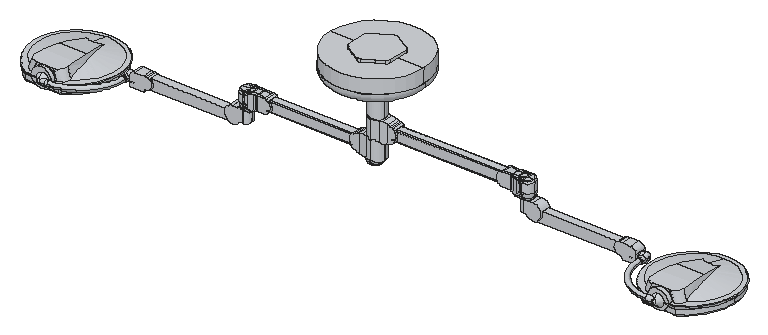
Revit family "GSeries-Dual-Light_G2", category Specialty Equipment, Revit 2017
Family settings
  Round Connector Dimension = Use Diameter
  Part Type = Normal
  Work Plane-Based = No
  Always vertical = Yes
  Cut with Voids When Loaded = No
  Shared = No
  Room Calculation Point = No
Parameters
  WAGD = no
  Vacuum = no
  Tag # = "B1"
  Standard = yes
  Oxygen = no
  Nitrous Oxide = no
  Nitrogen = no
  Model = "HarmonyAIR"
  Medical Air = no
  Manufacturer = "STERIS Corporation"
  Isolated = yes
  Emergency = yes
  Description = "HarmonyAIR Single G Series Gen2-Surgical Light(s) & Accessory Arm(s)"
  DC Power (for mounts with lightheads) = yes
  Compressed Air = no
  Ceiling Height = 120.00"
  Carbon Dioxide = no
  Assembly Code = "E1020810"
  AC Power (for mounts with monitors) = no
Reference planes (in)
  plane 1 "Center (Front/Back)": y = 0
  plane 2: z = 0
  plane 3 "Center (Left/Right)": x = 0
  plane 4 "CEILING": z = 120
Dimensions and locks (in)
  "Ceiling Height": plane 4 "CEILING" to level
Nested families (in)
  nested 1: "G Series G2 Extended Canopy" at (0, 0, 0), type "G Series G2 Extended Canopy"
  nested 2: "G2 41 Light" at (0, 0, 104.01861), type "G2 41 Light"
  nested 3: "G2 Lighthead" at (-41.27, 0, -29.32), type "G2 Lighthead", not visible
  nested 4: "G2 41 Light" at (0, 0, -23.62), type "G2 41 Light", not visible
  nested 5: "G2 Lighthead" at (-41.27, 0, -29.32), type "G2 Lighthead", not visible
  nested 6: "G2 35 Light With Bottom Cap" at (0, 0, 99.01861) x (-1, 0, 0) z (0, 0, 1), type "G2 35 Light With Bottom Cap"
  nested 7: "G2 Lighthead" at (-35.84, 0, 93.46512), type "G2 Lighthead"
  nested 8: "G2 Lighthead" at (-35.84, 0, -34.67), type "G2 Lighthead", not visible
  nested 9: "G2 35 Light With Bottom Cap" at (0, 0, -28.97), type "G2 35 Light With Bottom Cap", not visible
  nested 10: "G2 Lighthead" at (-35.84, 0, -34.67), type "G2 Lighthead", not visible
  nested 11: "G2 41 Light" at (0, 0, -23.62), type "G2 41 Light", not visible
  nested 12: "G2 Lighthead" at (-41.27, 0, -29.32), type "G2 Lighthead", not visible
  nested 13: "G2 35 Light With Bottom Cap" at (0, 0, -28.97), type "G2 35 Light With Bottom Cap", not visible
  nested 14: "G2 Lighthead" at (-35.84, 0, -34.67), type "G2 Lighthead", not visible
  nested 15: "G Series G2 Extended Canopy" at (0, 0, 0), type "G Series G2 Extended Canopy", not visible
  nested 16: "G2 41 Light" at (0, 0, -23.62), type "G2 41 Light", not visible
  nested 17: "G2 Lighthead" at (-41.27, 0, -29.32), type "G2 Lighthead", not visible
  nested 18: "G2 35 Light With Bottom Cap" at (0, 0, -28.97), type "G2 35 Light With Bottom Cap", not visible
  nested 19: "G2 Lighthead" at (-35.84, 0, -34.67), type "G2 Lighthead", not visible
  nested 20: "G2 Lighthead" at (41.27, 0, 98.46512) x (-1, 0, 0) z (0, 0, 1), type "G2 Lighthead"
  nested 21: "G2 400" at (0, 0, 120), type "G2 400"
Definition of nested family "G Series G2 Extended Canopy"
  Parameters (values of type "G Series G2 Extended Canopy")
    WAGD = yes
    Vacuum = yes
    Tag # = ""
    Standard = yes
    STERIS Arm Clearance = no
    Oxygen = yes
    Nitrous Oxide = yes
    Nitrogen = yes
    Model = "HarmonyAIR"
    Medical Air = yes
    Manufacturer = "STERIS Corporation"
    Isolated = yes
    Emergency = yes
    Description = "HarmonyAIR"
    DC Power (for mounts with lightheads) = yes
    Compressed Air = yes
    Ceiling Height = 120.00"
    Carbon Dioxide = yes
    Assembly Code = "E1020810"
    Arm Clearance Radius = 0.00"
    Arm Clearance Height = 0.00"
    AC Power (for mounts with monitors) = yes
  Reference planes (in)
    plane 1 "Center (Front/Back)": y = 0
    plane 2: z = 0
    plane 3 "Center (Left/Right)": x = 0
    plane 4 "CEILING": z = 120
  Forms (in)
    Revolve 1, solid
      sketch origin (0, 0, 0) x (1, 0, 0) y (0, 0, 1)
        loop
          line (0, 120) -> (-12.87155, 120) -> (-12.87155, 116.26431) -> (-13, 116.26431)
          arc (-13, 116.26431) -> (-12.50619, 114.6362) -> (-11.0459, 113.76318) r 2.36009
          line (-11.0459, 113.76318) -> (-10.78427, 113.73816) -> (-3.00247, 113.52408)
          arc (-3.00247, 113.52408) -> (-2.97425, 113.45596) -> (-2.90613, 113.42775) r 0.09634
          line (-2.90613, 113.42775) -> (-2.49938, 113.42775)
          arc (-2.49938, 113.42775) -> (-2.46911, 113.41521) -> (-2.45657, 113.38493) r 0.04282
          line (-2.45657, 113.38493) -> (-2.45657, 113.12804)
          arc (-2.45657, 113.12804) -> (-2.43149, 113.06749) -> (-2.37093, 113.0424) r 0.08563
          line (-2.37093, 113.0424) -> (0, 113.0424) -> (0, 120)
        axis (0, 120) -> (0, 113.0424)
      angle from 0 to 360
  Dimensions and locks (in)
    "Ceiling Height": plane 4 "CEILING" to level
    aligned and locked: level to plane 2
  Automatic sketch dimensions
    Revolve 1 sketch curve to plane 4 "CEILING" = 0.00"
    Revolve 1 sketch curve to plane 3 "Center (Left/Right)" = 0.00"  (x2)
    Revolve 1 sketch curve to plane 3 "Center (Left/Right)" = 2.37093"
    Revolve 1 sketch curve to Revolve 1 sketch curve = 0.08563"
    Revolve 1 sketch curve to Revolve 1 sketch curve = 0.04282"
    Revolve 1 sketch curve to Revolve 1 sketch curve = 0.40675"
    Revolve 1 sketch curve to Revolve 1 sketch curve = 0.09634"
    Revolve 1 sketch curve to plane 4 "CEILING" = 3.91079"
    Revolve 1 sketch curve to Revolve 1 sketch curve = 7.64394"
    Revolve 1 sketch curve to Revolve 1 sketch curve = 0.13786"
    Revolve 1 sketch curve to Revolve 1 sketch curve = 0.26163"
    Revolve 1 sketch curve to Revolve 1 sketch curve = 2.22514"
    Revolve 1 sketch curve to Revolve 1 sketch curve = 0.12845"
    Revolve 1 sketch curve to Revolve 1 sketch curve = 2.32603"
    Revolve 1 sketch curve to Revolve 1 sketch curve = 0.02501"
    Revolve 1 sketch curve to plane 4 "CEILING" = 6.47592"
    Revolve 1 sketch curve to Revolve 1 sketch curve = 0.2569"
    Revolve 1 sketch curve to level = 24.00"
    Revolve 1 sketch curve to Revolve 1 sketch curve = 23.02561"
Definition of nested family "G2 41 Light"
  Parameters (values of type "G2 41 Light")
    Tag # = ""
    Model = ""
    Manufacturer = ""
    Description = ""
    Assembly Code = ""
  Reference planes (in)
    plane 1 "Center (Front/Back)": y = 0
    plane 2: z = 0
    plane 3 "Center (Left/Right)": x = 0
    plane 4 "CEILING": z = 120
    plane 5 "void": z = -5.37092
    plane 6 "front void 3": z = -0.76037
    plane 7 "front void 4": x = 37.84972
  Forms (in)
    Extrusion 1, solid
      sketch origin (0, 4.88122, 0.40597) x (0, 1, 0) y (0, 0, 1)
        loop
          line (-3.92622, -1.57553) -> (-5.83622, -1.57553)
          arc (-5.83622, -1.57553) -> (-6.01299, -1.64875) -> (-6.08622, -1.82553) r 0.25
          line (-6.08622, -1.82553) -> (-6.08622, -4.2888)
          arc (-6.08622, -4.2888) -> (-6.01299, -4.46557) -> (-5.83622, -4.5388) r 0.25
          line (-5.83622, -4.5388) -> (-3.92622, -4.5388)
          arc (-3.92622, -4.5388) -> (-3.74944, -4.46557) -> (-3.67622, -4.2888) r 0.25
          line (-3.67622, -4.2888) -> (-3.67622, -1.82553)
          arc (-3.67622, -1.82553) -> (-3.74944, -1.64875) -> (-3.92622, -1.57553) r 0.25
      from 4.75395 to 35.40646
    Extrusion 2, solid
      sketch origin (0, 0, 0) x (1, 0, 0) y (0, 0, 1)
        loop
          line (-2.19374, -0.19448) -> (-2.19374, -5.17644)
          arc (-2.19374, -5.17644) -> (-2.13678, -5.31396) -> (-1.99926, -5.37092) r 0.19448
          line (-1.99926, -5.37092) -> (2.69909, -5.37092)
          arc (2.69909, -5.37092) -> (3.33509, -5.29534) -> (3.93567, -5.07282) r 2.71387
          arc (3.93567, -5.07282) -> (4.3306, -4.876) -> (4.74554, -4.72585) r 3.83493
          line (4.74554, -4.72585) -> (5.13531, -4.6368)
          arc (5.13531, -4.6368) -> (5.56508, -4.47817) -> (5.90185, -4.1676) r 1.17804
          arc (5.90185, -4.1676) -> (6.38468, -2.6862) -> (5.90185, -1.20481) r 2.51399
          arc (5.90185, -1.20481) -> (5.6952, -0.97436) -> (5.42683, -0.82014) r 0.97669
          line (5.42683, -0.82014) -> (5.13487, -0.73522) -> (4.74857, -0.64603)
          arc (4.74857, -0.64603) -> (4.36903, -0.50577) -> (4.00449, -0.33019) r 4.26762
          arc (4.00449, -0.33019) -> (3.37346, -0.08383) -> (2.70125, 0) r 2.73701
          line (2.70125, 0) -> (-1.99925, 0)
          arc (-1.99925, 0) -> (-2.13678, -0.05696) -> (-2.19374, -0.19448) r 0.19448
      from -2.20223 to 2.20223
    Extrusion 3, void
      sketch origin (0, 0, 0) x (1, 0, 0) y (0, 1, 0)
        loop
          line (0, 2.20223) -> (0, 2.70223) -> (-2.5, 2.70223) -> (-2.5, 0) -> (-2.20223, 0)
          arc (-2.20223, 0) -> (-1.55721, 1.55721) -> (0, 2.20223) r 2.20223
      from -8.34122 to 12
    Extrusion 4, void
      sketch origin (0, 0, 0) x (1, 0, 0) y (0, 1, 0)
        loop
          arc (0, -2.20223) -> (-1.55721, -1.55721) -> (-2.20223, 0) r 2.20223
          line (-2.20223, 0) -> (-2.5, 0) -> (-2.5, -2.70223) -> (0, -2.70223) -> (0, -2.20223)
      from -8.34122 to 12
    Extrusion 5, void
      sketch origin (0, 0, -5.37092) x (-1, 0, 0) y (0, -1, 0)
        loop
          arc (0, -2.20223) -> (-0.8815, -2.06487) -> (-1.74658, -1.84679) r 9.66293
          arc (-1.74658, -1.84679) -> (-2.79998, -1.67373) -> (-3.86443, -1.59297) r 12.25761
          arc (-3.86443, -1.59297) -> (-5.03108, -1.55775) -> (-6.19818, -1.54378) r 64.08893
          arc (-6.19818, -1.54378) -> (-6.33609, -1.48654) -> (-6.39294, -1.34902) r 0.19476
          line (-6.39294, -1.34902) -> (-6.39294, -1.20496) -> (-7.05626, -1.20496) -> (-7.05626, -2.70496) -> (0, -2.70496) -> (0, -2.20223)
      from 0 to 12
    Extrusion 6, void
      sketch origin (0, 0, -5.37092) x (-1, 0, 0) y (0, -1, 0)
        loop
          line (0, 2.20223) -> (0, 2.70496) -> (-7.05626, 2.70496) -> (-7.05626, 1.20496) -> (-6.39294, 1.20496) -> (-6.39294, 1.34902)
          arc (-6.39294, 1.34902) -> (-6.33609, 1.48654) -> (-6.19818, 1.54378) r 0.19476
          arc (-6.19818, 1.54378) -> (-5.03108, 1.55775) -> (-3.86443, 1.59297) r 64.08893
          arc (-3.86443, 1.59297) -> (-2.79998, 1.67373) -> (-1.74658, 1.84679) r 12.25761
          arc (-1.74658, 1.84679) -> (-0.8815, 2.06487) -> (0, 2.20223) r 9.66293
      from 0 to 12
    Revolve 7, solid
      sketch origin (11.64789, 0, 0) x (1, 0, 0) y (0, 0, 1)
        loop
          arc (31.42586, -1.00953) -> (31.33936, -0.91742) -> (31.21932, -0.87797) r 0.25571
          arc (31.21932, -0.87797) -> (30.37639, -0.80056) -> (29.53073, -0.7632) r 17.8497
          line (29.53073, -0.7632) -> (29.53073, -5.55349) -> (31.16892, -5.55349)
          arc (31.16892, -5.55349) -> (31.24893, -5.52749) -> (31.29597, -5.45775) r 0.1292
          line (31.29597, -5.45775) -> (31.42411, -4.97951)
          arc (31.42411, -4.97951) -> (31.5532, -4.42145) -> (31.60762, -3.85125) r 4.33727
          arc (31.60762, -3.85125) -> (31.65493, -2.68267) -> (31.60762, -1.51409) r 14.45651
          line (31.60762, -1.51409) -> (31.42586, -1.00953)
        axis (29.53073, -0.7632) -> (29.53073, -5.55349)
      angle from 0 to 360
    Extrusion 8, solid
      sketch origin (11.64789, 0, 0) x (1, 0, 0) y (0, 0, 1)
        loop
          arc (23.05122, -1.20345) -> (22.34603, -2.69853) -> (23.10297, -4.16808) r 1.86858
          arc (23.10297, -4.16808) -> (23.40725, -4.37429) -> (23.75857, -4.48235) r 1.24128
          line (23.75857, -4.48235) -> (24.15374, -4.53185) -> (26.20183, -4.56944) -> (26.20183, -0.80039) -> (24.15414, -0.8277) -> (23.55907, -0.92195)
          arc (23.55907, -0.92195) -> (23.28881, -1.03322) -> (23.05122, -1.20345) r 1.26724
      from 1.5956 to -1.59582
    Extrusion 9, solid
      sketch origin (11.64551, 0, -0.76037) x (-1, 0, 0) y (0, -1, 0)
        loop
          line (-29.52599, 2.12582) -> (-29.52599, -2.12583)
          arc (-29.52599, -2.12583) -> (-29.26775, -2.11798) -> (-29.01024, -2.0969) r 5.03227
          arc (-29.01024, -2.0969) -> (-28.61559, -2.04413) -> (-28.22414, -1.97127) r 7.79494
          arc (-28.22414, -1.97127) -> (-27.60261, -1.83533) -> (-26.97956, -1.70658) r 55.13106
          arc (-26.97956, -1.70658) -> (-26.80172, -1.67318) -> (-26.6231, -1.6442) r 7.30147
          arc (-26.6231, -1.6442) -> (-26.41288, -1.61642) -> (-26.20183, -1.59582) r 6.21705
          line (-26.20183, -1.59582) -> (-26.20183, 1.5956)
          arc (-26.20183, 1.5956) -> (-26.59233, 1.63852) -> (-26.97925, 1.70651) r 6.09334
          arc (-26.97925, 1.70651) -> (-27.60246, 1.83529) -> (-28.22414, 1.97126) r 55.10449
          arc (-28.22414, 1.97126) -> (-28.61559, 2.04412) -> (-29.01024, 2.09689) r 7.79563
          arc (-29.01024, 2.09689) -> (-29.26775, 2.11798) -> (-29.52599, 2.12582) r 5.0318
      from -0.04005 to -4.7114
    Extrusion 10, void
      sketch origin (37.84972, 0, 0) x (0, 0, 1) y (0, -1, 0)
        loop
          line (-1.51409, 2.07688) -> (-1.00953, 1.89512)
          arc (-1.00953, 1.89512) -> (-0.91761, 1.81048) -> (-0.87818, 1.69191) r 0.24978
          arc (-0.87818, 1.69191) -> (-0.79942, 0.84739) -> (-0.76262, 0) r 17.10563
          line (-0.76262, 0) -> (-0.76262, 2.31422) -> (-5.37092, 2.31422) -> (-5.60382, 2.12426) -> (-5.47178, 1.76148) -> (-4.97951, 1.89338)
          arc (-4.97951, 1.89338) -> (-4.42144, 2.02237) -> (-3.85125, 2.07688) r 4.34792
          arc (-3.85125, 2.07688) -> (-2.68267, 2.12587) -> (-1.51409, 2.07688) r 13.96378
      from -3.82865 to 12
    Extrusion 11, void
      sketch origin (37.84972, 0, 0) x (0, 0, 1) y (0, -1, 0)
        loop
          arc (-1.51409, -2.07688) -> (-2.68267, -2.12587) -> (-3.85125, -2.07688) r 13.96378
          arc (-3.85125, -2.07688) -> (-4.42144, -2.02237) -> (-4.97951, -1.89338) r 4.34792
          line (-4.97951, -1.89338) -> (-5.47178, -1.76148) -> (-5.60382, -2.12426) -> (-5.37092, -2.31422) -> (-0.76262, -2.31422) -> (-0.76262, 0)
          arc (-0.76262, 0) -> (-0.79942, -0.84739) -> (-0.87818, -1.69191) r 17.10563
          arc (-0.87818, -1.69191) -> (-0.91761, -1.81048) -> (-1.00953, -1.89512) r 0.24978
          line (-1.00953, -1.89512) -> (-1.51409, -2.07688)
      from -4.12048 to 12
    Extrusion 12, void
      sketch origin (0, 0, 0) x (1, 0, 0) y (0, 0, 1)
        loop
          line (37.84734, -4.64253) -> (37.58692, -5.54314) -> (39.39846, -5.54314)
          arc (39.39846, -5.54314) -> (39.2351, -5.25192) -> (38.99205, -5.02296) r 1.10254
          arc (38.99205, -5.02296) -> (38.77568, -4.89515) -> (38.54358, -4.79879) r 1.79637
          arc (38.54358, -4.79879) -> (38.19948, -4.70276) -> (37.84734, -4.64253) r 3.47823
      from -4.74141 to 4.63884
  Cuts and joins
    Extrusion 5, Extrusion 6 cuts Extrusion 1
    Extrusion 3, Extrusion 4, Extrusion 5, Extrusion 6 cuts Extrusion 2
    Extrusion 10, Extrusion 11, Extrusion 12 cuts Extrusion 9
    Extrusion 10, Extrusion 11 cuts Revolve 7
    Extrusion 10, Extrusion 11 cuts Extrusion 8
  Dimensions and locks (in)
    plane 4 "CEILING" to level = 120.00"
    aligned and locked: level to plane 2
Definition of nested family "G2 Lighthead"
  Parameters (values of type "G2 Lighthead")
    Tag # = ""
    Model = ""
    Manufacturer = ""
    Description = ""
    Assembly Code = ""
  Reference planes (in)
    plane 1 "Center (Front/Back)": y = 0
    plane 2: z = 0
    plane 3 "Center (Left/Right)": x = 0
    plane 4 "CEILING": z = 120
    plane 5 "light": y = 0.98519
    plane 6 "cone": x = -40.63328
    plane 7 "light 2": y = -6.65871
    plane 8 "couple": y = -11.78918
    plane 9 "couple upper 1": x = -28.21156
    plane 10 "tube start": y = -2.1054
    plane 11 "tube path plane": through (-28.21156, -180, -18.45505) normal (0.5, 0, -0.866)
  Forms (in)
    Extrusion 1, solid
      sketch origin (0, 0, 0) x (1, 0, 0) y (0, 0, 1)
        loop
          line (1.22953, 0) -> (-1.22236, 0) -> (-1.30305, -0.04848) -> (-2.71238, -0.04848)
          arc (-2.71238, -0.04848) -> (-4.58, -3.37387) -> (-0.76676, -3.44746) r 2.22225
          line (-0.76676, -3.44746) -> (-0.67485, -3.43125) -> (1.26016, -3.43125) -> (1.49925, -3.0768) -> (1.49925, -0.40213) -> (1.37929, -0.12566) -> (1.22953, 0)
      from -1.51685 to 1.49579
    Extrusion 2, solid
      sketch origin (0.65549, 0, -0.21119) x (1, 0, 0) y (0, 0, 1)
        loop
          line (-4.2494, -0.72566) -> (-4.84519, -1.15853) -> (-5.65657, -1.34585) -> (-26.52544, -1.34585)
          arc (-26.52544, -1.34585) -> (-25.55371, -2.7714) -> (-26.43608, -4.25393) r 1.60459
          line (-26.43608, -4.25393) -> (-3.65237, -4.25393)
          arc (-3.65237, -4.25393) -> (-4.84247, -2.64066) -> (-4.2494, -0.72566) r 2.22225
      from -1.13278 to 1.1669
    Extrusion 3, void
      sketch origin (0, 0, 0) x (1, 0, 0) y (0, 1, 0)
        loop
          arc (-0.03601, 1.51685) -> (1.04299, 1.08566) -> (1.49922, 0.01701) r 1.51502
          line (1.49922, 0.01701) -> (1.86823, 0.01701) -> (1.86823, 1.81734) -> (-0.03601, 1.81734) -> (-0.03601, 1.51685)
      from -4.56732 to 2.01977
    Extrusion 4, void
      sketch origin (0, 0, 0) x (1, 0, 0) y (0, 1, 0)
        loop
          arc (1.49918, 0) -> (1.05514, -1.05102) -> (0, -1.48518) r 1.49925
          line (0, -1.48518) -> (0, -2.11009) -> (2.34652, -2.11009) -> (2.34652, 0) -> (1.49918, 0)
      from -4.25031 to 12
    Extrusion 5, solid
      sketch origin (1.42817, -2.34095, -1.83191) x (-0.500001, 0, -0.866025) y (0.866025, 0, -0.500001)
        loop
          line (13.54782, -24.39216) -> (13.94833, -25.09387) -> (15.05055, -27.00296)
          arc (15.05055, -27.00296) -> (15.93622, -27.68256) -> (17.04303, -27.53685) r 1.4586
          line (17.04303, -27.53685) -> (19.05177, -26.37709) -> (19.08796, -25.96347) -> (17.42688, -23.08639) -> (17.04436, -22.89729) -> (16.5842, -23.17378) -> (16.51466, -23.07446) -> (16.34396, -22.77881) -> (16.04307, -22.40725)
          arc (16.04307, -22.40725) -> (14.15974, -22.22396) -> (13.37682, -23.94663) r 1.62692
          line (13.37682, -23.94663) -> (13.54782, -24.39216)
      from -3.75535 to -0.91603
  Cuts and joins
    Extrusion 3, Extrusion 4 cuts Extrusion 1
  Dimensions and locks (in)
    plane 4 "CEILING" to level = 120.00"
    aligned and locked: level to plane 2
  Nested families (in)
    nested 1: "Harmony LC Yoke" at (-28.77996, 0, -3.72663) x (0, 1, 0) z (0, 0, 1), type "Harmony LC Yoke"
    nested 2: "Harmony Led Head" at (-46.06261, -12.67791, -3.67094) x (0, 1, 0) z (0, 0, 1), type "Harmony Led Head"
  Definition of nested family "Harmony LC Yoke"
    Reference planes (in)
      plane 1: y = 0
      plane 2: z = 0
      plane 3: x = 0
      plane 4: y = 0
      plane 5: y = -17.06023
      plane 6: z = 0
    Forms (in)
      Extrusion 1, solid
        sketch origin (-1.18318, 0, -4.7246) x (-1, 0, 0) y (0, 0, -1)
          loop
            circle (-1.18318, -4.7246) r 1.1875
        from 0 to 2.45312
      Revolve 2, solid
        sketch origin (-178.4916, -2.45312, 0) x (0, 1, 0) y (-1, 0, 0)
          loop
            line (0, -178.4916) -> (-1.82648, -178.4916) -> (-1.82648, -178.9291)
            arc (-1.82648, -178.9291) -> (-1.60681, -179.45943) -> (-1.07648, -179.6791) r 0.75
            line (-1.07648, -179.6791) -> (0, -179.6791) -> (0, -178.4916)
          axis (0, -178.4916) -> (-1.82648, -178.4916)
        angle from 0 to 360
      Revolve 3, solid
        sketch origin (-178.4916, -2.45312, 0) x (0, 1, 0) y (-1, 0, 0)
          loop
            line (-1.03759, -176.32242) -> (-1.65868, -176.32242) -> (-1.82648, -176.62514) -> (-1.82648, -178.4916) -> (-1.03759, -178.4916) -> (-1.03759, -176.32242)
          axis (-1.03759, -176.32242) -> (-1.03759, -178.4916)
        angle from 0 to 360
      Sweep 4, solid
        path origin (-0.96807, 128.78692, 0) x (1, 0, 0) y (0, 1, 0)
          loop
            arc (-12.60095, -143.67748) -> (-9.26202, -135.61657) -> (-1.20111, -132.27763) r 11.39985
        profile origin (-10.23009, -6.82965, 0) x (-0.707107, 0.707107, 0) y (0, 0, 1)
          loop
            circle (0, 0) r 0.59057
      Revolve 5, solid
        sketch origin (-0.96807, 128.78692, 0) x (1, 0, 0) y (0, 1, 0)
          loop
            line (-13.39156, -145.84715) -> (-12.60281, -145.84715) -> (-12.60281, -143.67787) -> (-13.22281, -143.67787)
            arc (-13.22281, -143.67787) -> (-13.34653, -143.80739) -> (-13.39156, -143.98075) r 0.35618
            line (-13.39156, -143.98075) -> (-13.39156, -145.84715)
          axis (-12.60281, -145.84715) -> (-12.60281, -143.67787)
        angle from 0 to 360
      Revolve 6, solid
        sketch origin (-179.08677, -17.06023, 15.35906) x (0, 0, 1) y (-1, 0, 0)
          loop
            line (-15.35906, -166.50188) -> (-15.35906, -164.72713)
            arc (-15.35906, -164.72713) -> (-15.68518, -164.79771) -> (-15.95294, -164.99681) r 0.78875
            line (-15.95294, -164.99681) -> (-17.26842, -166.50188) -> (-15.35906, -166.50188)
          axis (-15.35906, -166.50188) -> (-15.35906, -164.72713)
        angle from 0 to 360
      Blend 7, solid
        base sketch origin (-11.69697, -17.06023, 0) x (0, 0, -1) y (0, -1, 0)
          loop
            arc (0, -2.84375) -> (2.30077, 0) -> (0, 2.84375) r 2.90782
            arc (0, 2.84375) -> (-2.84375, 0) -> (0, -2.84375) r 2.84375
        top sketch origin (-11.69697, -17.06023, 0) x (0, 0, -1) y (0, -1, 0)
          loop
            circle (0, 0) r 1.90935
        from 0 to 0.88792
    Cuts and joins
      joined: Revolve 2, Revolve 3
  Definition of nested family "Harmony Led Head"
    Reference planes (in)
      plane 1: y = 0
      plane 2: z = 0
      plane 3: x = 0
      plane 4: x = 11.9203
    Forms (in)
      Extrusion 1, solid
        sketch origin (0.93778, 0.03829, -0.05569) x (0, -1, 0) y (0, 0, 1)
          loop
            arc (-2.84375, 0) -> (0, -2.30077) -> (2.84375, 0) r 2.90782
            arc (2.84375, 0) -> (0, 2.84375) -> (-2.84375, 0) r 2.84375
        from 0 to 1.08195
      Revolve 2, solid
        sketch origin (11.92021, 0.03829, -0.05569) x (0, -1, 0) y (0, 0, -1)
          loop
            line (0.05966, 2.28492) -> (0.05966, 6.63593) -> (-0.51553, 6.63593) -> (-0.64296, 5.89315) -> (-0.69984, 2.81244) -> (-0.85055, 2.66501) -> (-1.46463, 2.66501) -> (-1.7758, 2.28492) -> (0.05966, 2.28492)
          axis (0.05966, 2.28492) -> (0.05966, 6.63593)
        angle from 0 to 360
      Blend 3, solid
        base sketch origin (-167.3898, -10.48446, 0.19936) x (-1, 0, 0) y (0, -1, 0)
          loop
            arc (-170.47685, -5.13397) -> (-178.69808, -6.30245) -> (-186.73494, -8.39116) r 73.47139
            arc (-186.73494, -8.39116) -> (-187.82953, -9.19014) -> (-188.23105, -10.48448) r 2.1558
            arc (-188.23105, -10.48448) -> (-187.82953, -11.77881) -> (-186.73494, -12.57779) r 2.1558
            arc (-186.73494, -12.57779) -> (-178.69808, -14.6665) -> (-170.47685, -15.83498) r 73.47139
            arc (-170.47685, -15.83498) -> (-168.96952, -15.32) -> (-168.32895, -13.8616) r 1.98047
            line (-168.32895, -13.8616) -> (-168.32895, -7.10735)
            arc (-168.32895, -7.10735) -> (-168.96952, -5.64895) -> (-170.47685, -5.13397) r 1.98047
        top sketch origin (-167.3898, -10.48446, 0.19936) x (-1, 0, 0) y (0, -1, 0)
          loop
            line (-168.32895, -12.62394) -> (-168.32895, -8.34501)
            arc (-168.32895, -8.34501) -> (-168.98106, -6.77712) -> (-170.55271, -6.13411) r 2.21094
            arc (-170.55271, -6.13411) -> (-178.62594, -6.82324) -> (-186.48881, -8.77959) r 51.10852
            arc (-186.48881, -8.77959) -> (-187.54035, -9.4419) -> (-188.21669, -10.48448) r 2.89097
            arc (-188.21669, -10.48448) -> (-187.54035, -11.52705) -> (-186.48881, -12.18936) r 2.89097
            arc (-186.48881, -12.18936) -> (-178.62594, -14.14571) -> (-170.55271, -14.83484) r 51.10852
            arc (-170.55271, -14.83484) -> (-168.98106, -14.19184) -> (-168.32895, -12.62394) r 2.21094
        from 0 to 3.05064
      Extrusion 4, void
        sketch origin (12.6102, 5.23433, -94.78029) x (1, 0, 0) y (0, 0, 1)
          loop
            arc (-1.64465, 97.39935) -> (3.44464, 96.47772) -> (8.395, 94.97965) r 45.11474
            line (8.395, 94.97965) -> (8.395, 99.19568) -> (-12.26813, 99.19568) -> (-11.67118, 97.55557)
            arc (-11.67118, 97.55557) -> (-6.65376, 97.74397) -> (-1.64465, 97.39935) r 47.29197
        from -2.1192 to 12
      Revolve 5, solid
        sketch origin (22.41838, 0, -4.78029) x (1, 0, 0) y (0, 0, 1)
          loop
            arc (0.00315, 4.97965) -> (-5.18049, 6.15809) -> (-10.47935, 6.58355) r 37.09725
            line (-10.47935, 6.58355) -> (-10.47935, 4.97965) -> (0.00315, 4.97965)
          axis (-10.47935, 4.97965) -> (-10.47935, 6.58355)
        angle from 0 to 360
      Sweep 6, solid
        path origin (-167.3898, 11.14532, -2.51125) x (0, 1, 0) y (-1, 0, 0)
          loop
            line (-6.73276, -167.88327) -> (-15.55842, -167.88327)
            arc (-15.55842, -167.88327) -> (-20.37151, -172.75336) -> (-22.29017, -179.32621) r 13.96114
            arc (-22.29017, -179.32621) -> (-11.14559, -190.47078) -> (-0.00102, -179.32621) r 11.14458
            arc (-0.00102, -179.32621) -> (-1.91967, -172.75336) -> (-6.73276, -167.88327) r 13.96114
        profile origin (0.49347, -0.00027, -2.51125) x (1, 0, 0) y (0, 0, 1)
          loop
            line (0, 0) -> (0, 2.51125) -> (-0.62169, 2.51125) -> (-0.68081, 2.37802) -> (-0.47063, 1.86565) -> (-0.39661, 1.82314) -> (-0.30418, 0.35371) -> (0, 0)
      Extrusion 7, solid
        sketch origin (-167.3898, 11.14532, -2.51125) x (0, 1, 0) y (-1, 0, 0)
          loop
            arc (-22.29017, -179.32621) -> (-11.14559, -190.47078) -> (-0.00102, -179.32621) r 11.14458
            arc (-0.00102, -179.32621) -> (-1.91967, -172.75336) -> (-6.73276, -167.88327) r 13.96114
            line (-6.73276, -167.88327) -> (-15.55842, -167.88327)
            arc (-15.55842, -167.88327) -> (-20.37151, -172.75336) -> (-22.29017, -179.32621) r 13.96114
        from 0 to 2.51125
      Revolve 8, void
        sketch origin (22.41838, 0, -4.78029) x (1, 0, 0) y (0, 0, 1)
          loop
            line (-10.47938, 2.43967) -> (-20.59645, 2.43967) -> (-20.6493, 2.23502) -> (-10.47938, 2.23502) -> (-10.47938, 2.43967)
          axis (-10.47938, 2.43967) -> (-10.47938, 2.23502)
        angle from 0 to 360
    Cuts and joins
      Extrusion 4 cuts Blend 3
      joined: Blend 3, Revolve 5
      Revolve 8 cuts Extrusion 7
      joined: Sweep 6, Extrusion 7
Definition of nested family "G2 35 Light With Bottom Cap"
  Parameters (values of type "G2 35 Light With Bottom Cap")
    Tag # = ""
    Model = ""
    Manufacturer = ""
    Description = ""
    Assembly Code = ""
  Reference planes (in)
    plane 1 "Center (Front/Back)": y = 0
    plane 2: z = 0
    plane 3 "Center (Left/Right)": x = 0
    plane 4 "CEILING": z = 120
    plane 5 "void": z = -5.37092
    plane 6 "front void 3": z = -0.76037
    plane 7 "front void 4": x = 31.95183
  Forms (in)
    Extrusion 1, solid
      sketch origin (0, 4.88122, 0.40597) x (0, 1, 0) y (0, 0, 1)
        loop
          line (-3.92622, -1.56166) -> (-5.83622, -1.56166)
          arc (-5.83622, -1.56166) -> (-6.01299, -1.63488) -> (-6.08622, -1.81166) r 0.25
          line (-6.08622, -1.81166) -> (-6.08622, -4.27492)
          arc (-6.08622, -4.27492) -> (-6.01299, -4.4517) -> (-5.83622, -4.52492) r 0.25
          line (-5.83622, -4.52492) -> (-3.92622, -4.52492)
          arc (-3.92622, -4.52492) -> (-3.74944, -4.4517) -> (-3.67622, -4.27492) r 0.25
          line (-3.67622, -4.27492) -> (-3.67622, -1.81166)
          arc (-3.67622, -1.81166) -> (-3.74944, -1.63488) -> (-3.92622, -1.56166) r 0.25
      from 4.75395 to 29.52599
    Extrusion 2, solid
      sketch origin (0, 0, 0) x (1, 0, 0) y (0, 0, 1)
        loop
          line (-2.19374, -0.19448) -> (-2.19374, -5.17644)
          arc (-2.19374, -5.17644) -> (-2.13678, -5.31396) -> (-1.99926, -5.37092) r 0.19448
          line (-1.99926, -5.37092) -> (2.69909, -5.37092)
          arc (2.69909, -5.37092) -> (3.33509, -5.29534) -> (3.93567, -5.07282) r 2.71387
          arc (3.93567, -5.07282) -> (4.3306, -4.876) -> (4.74554, -4.72585) r 3.83493
          line (4.74554, -4.72585) -> (5.13531, -4.6368)
          arc (5.13531, -4.6368) -> (5.56508, -4.47817) -> (5.90185, -4.1676) r 1.17804
          arc (5.90185, -4.1676) -> (6.38468, -2.6862) -> (5.90185, -1.20481) r 2.51399
          arc (5.90185, -1.20481) -> (5.6952, -0.97436) -> (5.42683, -0.82014) r 0.97669
          line (5.42683, -0.82014) -> (5.13487, -0.73522) -> (4.74857, -0.64603)
          arc (4.74857, -0.64603) -> (4.36903, -0.50577) -> (4.00449, -0.33019) r 4.26762
          arc (4.00449, -0.33019) -> (3.37346, -0.08383) -> (2.70125, 0) r 2.73701
          line (2.70125, 0) -> (-1.99925, 0)
          arc (-1.99925, 0) -> (-2.13678, -0.05696) -> (-2.19374, -0.19448) r 0.19448
      from -2.20223 to 2.20223
    Extrusion 3, void
      sketch origin (0, 0, 0) x (1, 0, 0) y (0, 1, 0)
        loop
          line (0, 2.20223) -> (0, 2.70223) -> (-2.5, 2.70223) -> (-2.5, 0) -> (-2.20223, 0)
          arc (-2.20223, 0) -> (-1.55721, 1.55721) -> (0, 2.20223) r 2.20223
      from -8.34122 to 12
    Extrusion 4, void
      sketch origin (0, 0, 0) x (1, 0, 0) y (0, 1, 0)
        loop
          arc (0, -2.20223) -> (-1.55721, -1.55721) -> (-2.20223, 0) r 2.20223
          line (-2.20223, 0) -> (-2.5, 0) -> (-2.5, -2.70223) -> (0, -2.70223) -> (0, -2.20223)
      from -8.34122 to 12
    Extrusion 5, void
      sketch origin (0, 0, -5.37092) x (-1, 0, 0) y (0, -1, 0)
        loop
          arc (0, -2.20223) -> (-0.8815, -2.06487) -> (-1.74658, -1.84679) r 9.66293
          arc (-1.74658, -1.84679) -> (-2.79998, -1.67373) -> (-3.86443, -1.59297) r 12.25761
          arc (-3.86443, -1.59297) -> (-5.03108, -1.55775) -> (-6.19818, -1.54378) r 64.08893
          arc (-6.19818, -1.54378) -> (-6.33609, -1.48654) -> (-6.39294, -1.34902) r 0.19476
          line (-6.39294, -1.34902) -> (-6.39294, -1.20496) -> (-7.05626, -1.20496) -> (-7.05626, -2.70496) -> (0, -2.70496) -> (0, -2.20223)
      from 0 to 12
    Extrusion 6, void
      sketch origin (0, 0, -5.37092) x (-1, 0, 0) y (0, -1, 0)
        loop
          line (0, 2.20223) -> (0, 2.70496) -> (-7.05626, 2.70496) -> (-7.05626, 1.20496) -> (-6.39294, 1.20496) -> (-6.39294, 1.34902)
          arc (-6.39294, 1.34902) -> (-6.33609, 1.48654) -> (-6.19818, 1.54378) r 0.19476
          arc (-6.19818, 1.54378) -> (-5.03108, 1.55775) -> (-3.86443, 1.59297) r 64.08893
          arc (-3.86443, 1.59297) -> (-2.79998, 1.67373) -> (-1.74658, 1.84679) r 12.25761
          arc (-1.74658, 1.84679) -> (-0.8815, 2.06487) -> (0, 2.20223) r 9.66293
      from 0 to 12
    Revolve 7, solid
      sketch origin (5.75, 0, 0) x (1, 0, 0) y (0, 0, 1)
        loop
          arc (31.42586, -1.00953) -> (31.33936, -0.91742) -> (31.21932, -0.87797) r 0.25571
          arc (31.21932, -0.87797) -> (30.37639, -0.80056) -> (29.53073, -0.7632) r 17.8497
          line (29.53073, -0.7632) -> (29.53073, -5.55349) -> (31.16892, -5.55349)
          arc (31.16892, -5.55349) -> (31.24893, -5.52749) -> (31.29597, -5.45775) r 0.1292
          line (31.29597, -5.45775) -> (31.42411, -4.97951)
          arc (31.42411, -4.97951) -> (31.5532, -4.42145) -> (31.60762, -3.85125) r 4.33727
          arc (31.60762, -3.85125) -> (31.65493, -2.68267) -> (31.60762, -1.51409) r 14.45651
          line (31.60762, -1.51409) -> (31.42586, -1.00953)
        axis (29.53073, -0.7632) -> (29.53073, -5.55349)
      angle from 0 to 360
    Extrusion 8, solid
      sketch origin (5.75, 0, 0) x (1, 0, 0) y (0, 0, 1)
        loop
          arc (23.05122, -1.20345) -> (22.34603, -2.69853) -> (23.10297, -4.16808) r 1.86858
          arc (23.10297, -4.16808) -> (23.40725, -4.37429) -> (23.75857, -4.48235) r 1.24128
          line (23.75857, -4.48235) -> (24.15374, -4.53185) -> (26.20183, -4.56944) -> (26.20183, -0.80039) -> (24.15414, -0.8277) -> (23.55907, -0.92195)
          arc (23.55907, -0.92195) -> (23.28881, -1.03322) -> (23.05122, -1.20345) r 1.26724
      from 1.5956 to -1.59582
    Extrusion 9, solid
      sketch origin (5.74762, 0, -0.76037) x (-1, 0, 0) y (0, -1, 0)
        loop
          line (-29.52599, 2.12582) -> (-29.52599, -2.12583)
          arc (-29.52599, -2.12583) -> (-29.26775, -2.11798) -> (-29.01024, -2.0969) r 5.03227
          arc (-29.01024, -2.0969) -> (-28.61559, -2.04413) -> (-28.22414, -1.97127) r 7.79494
          arc (-28.22414, -1.97127) -> (-27.60261, -1.83533) -> (-26.97956, -1.70658) r 55.13106
          arc (-26.97956, -1.70658) -> (-26.80172, -1.67318) -> (-26.6231, -1.6442) r 7.30147
          arc (-26.6231, -1.6442) -> (-26.41288, -1.61642) -> (-26.20183, -1.59582) r 6.21705
          line (-26.20183, -1.59582) -> (-26.20183, 1.5956)
          arc (-26.20183, 1.5956) -> (-26.59233, 1.63852) -> (-26.97925, 1.70651) r 6.09334
          arc (-26.97925, 1.70651) -> (-27.60246, 1.83529) -> (-28.22414, 1.97126) r 55.10449
          arc (-28.22414, 1.97126) -> (-28.61559, 2.04412) -> (-29.01024, 2.09689) r 7.79563
          arc (-29.01024, 2.09689) -> (-29.26775, 2.11798) -> (-29.52599, 2.12582) r 5.0318
      from -0.04005 to -4.7114
    Extrusion 10, void
      sketch origin (31.95183, 0, 0) x (0, 0, 1) y (0, -1, 0)
        loop
          line (-1.51409, 2.07688) -> (-1.00953, 1.89512)
          arc (-1.00953, 1.89512) -> (-0.91761, 1.81048) -> (-0.87818, 1.69191) r 0.24978
          arc (-0.87818, 1.69191) -> (-0.79942, 0.84739) -> (-0.76262, 0) r 17.10563
          line (-0.76262, 0) -> (-0.76262, 2.31422) -> (-5.37092, 2.31422) -> (-5.60382, 2.12426) -> (-5.47178, 1.76148) -> (-4.97951, 1.89338)
          arc (-4.97951, 1.89338) -> (-4.42144, 2.02237) -> (-3.85125, 2.07688) r 4.34792
          arc (-3.85125, 2.07688) -> (-2.68267, 2.12587) -> (-1.51409, 2.07688) r 13.96378
      from -3.82865 to 12
    Extrusion 11, void
      sketch origin (31.95183, 0, 0) x (0, 0, 1) y (0, -1, 0)
        loop
          arc (-1.51409, -2.07688) -> (-2.68267, -2.12587) -> (-3.85125, -2.07688) r 13.96378
          arc (-3.85125, -2.07688) -> (-4.42144, -2.02237) -> (-4.97951, -1.89338) r 4.34792
          line (-4.97951, -1.89338) -> (-5.47178, -1.76148) -> (-5.60382, -2.12426) -> (-5.37092, -2.31422) -> (-0.76262, -2.31422) -> (-0.76262, 0)
          arc (-0.76262, 0) -> (-0.79942, -0.84739) -> (-0.87818, -1.69191) r 17.10563
          arc (-0.87818, -1.69191) -> (-0.91761, -1.81048) -> (-1.00953, -1.89512) r 0.24978
          line (-1.00953, -1.89512) -> (-1.51409, -2.07688)
      from -4.12048 to 12
    Extrusion 12, void
      sketch origin (0, 0, 0) x (1, 0, 0) y (0, 0, 1)
        loop
          line (31.94945, -4.60842) -> (31.9156, -5.51002) -> (33.5167, -5.51002)
          arc (33.5167, -5.51002) -> (33.34186, -5.22776) -> (33.11029, -4.98983) r 1.53124
          arc (33.11029, -4.98983) -> (32.79548, -4.81962) -> (32.45798, -4.7006) r 2.28736
          arc (32.45798, -4.7006) -> (32.20559, -4.64415) -> (31.94945, -4.60842) r 3.17728
      from -2.97497 to 4.58197
    Revolve 13, solid
      sketch origin (0.01958, 0, 0.0006) x (1, 0, 0) y (0, 0, 1)
        loop
          line (-1.80634, -5.37092) -> (-1.60183, -6.05346)
          arc (-1.60183, -6.05346) -> (-1.54419, -6.19978) -> (-1.46437, -6.33529) r 1.00223
          line (-1.46437, -6.33529) -> (-1.36992, -6.47017)
          arc (-1.36992, -6.47017) -> (-1.30981, -6.52151) -> (-1.23294, -6.53997) r 0.16932
          line (-1.23294, -6.53997) -> (0.44, -6.53997) -> (0.44, -5.37092) -> (-1.80634, -5.37092)
        axis (0.44, -6.53997) -> (0.44, -5.37092)
      angle from 0 to 360
  Cuts and joins
    Extrusion 5, Extrusion 6 cuts Extrusion 1
    Extrusion 3, Extrusion 4, Extrusion 5, Extrusion 6 cuts Extrusion 2
    Extrusion 10, Extrusion 11, Extrusion 12 cuts Extrusion 9
    Extrusion 10, Extrusion 11 cuts Revolve 7
    Extrusion 10, Extrusion 11 cuts Extrusion 8
  Dimensions and locks (in)
    plane 4 "CEILING" to level = 120.00"
    aligned and locked: level to plane 2
Definition of nested family "G2 400"
  Parameters (values of type "G2 400")
    Tag # = ""
    Model = ""
    Manufacturer = ""
    Description = ""
    Assembly Code = ""
  Reference planes (in)
    plane 1 "Center (Front/Back)": y = 0
    plane 2: z = 0
    plane 3 "Center (Left/Right)": x = 0
    plane 4 "CEILING": z = 120
  Forms (in)
    Revolve 1, solid
      sketch origin (0, 0, 0) x (1, 0, 0) y (0, 0, 1)
        loop
          line (0, 0) -> (-2.16918, 0) -> (-2.16918, -16.0377)
          arc (-2.16918, -16.0377) -> (-2.12602, -16.09101) -> (-2.06042, -16.11106) r 0.1173
          line (-2.06042, -16.11106) -> (0, -16.11106) -> (0, 0)
        axis (0, 0) -> (0, -16.11106)
      angle from 0 to 360
    Extrusion 2, solid
      sketch origin (0.00352, 0, 0) x (1, 0, 0) y (0, 1, 0)
        loop
          arc (0.47815, 6.31948) -> (0.00139, 6.44808) -> (-0.47566, 6.32059) r 0.95214
          line (-0.47566, 6.32059) -> (-3.32501, 4.67608) -> (-5.2381, 3.58259)
          arc (-5.2381, 3.58259) -> (-5.5881, 3.23486) -> (-5.71631, 2.75844) r 0.94929
          line (-5.71631, 2.75844) -> (-5.71631, -2.74225)
          arc (-5.71631, -2.74225) -> (-5.58877, -3.21867) -> (-5.24027, -3.56766) r 0.95363
          line (-5.24027, -3.56766) -> (-3.07069, -4.82299) -> (-0.47567, -6.3243)
          arc (-0.47567, -6.3243) -> (0.00024, -6.45237) -> (0.47615, -6.3243) r 0.9483
          line (0.47615, -6.3243) -> (3.06366, -4.82299) -> (5.23324, -3.56766)
          arc (5.23324, -3.56766) -> (5.58174, -3.21867) -> (5.70928, -2.74225) r 0.95363
          line (5.70928, -2.74225) -> (5.70928, 2.75844)
          arc (5.70928, 2.75844) -> (5.58106, 3.23486) -> (5.23106, 3.58259) r 0.94929
          line (5.23106, 3.58259) -> (3.31798, 4.67608) -> (0.47815, 6.31948)
      from 0 to 0.5904
  Dimensions and locks (in)
    plane 4 "CEILING" to level = 120.00"
    aligned and locked: level to plane 2
